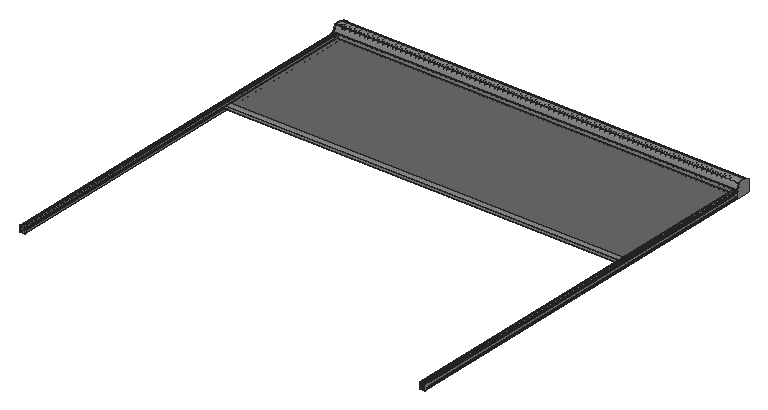
Revit family "Windows_Blinds_Nimex_Zip_105", category Specialty Equipment, host Face, Revit 2018
Family settings
  Host = Face
  Round Connector Dimension = Use Diameter
  Part Type = Normal
  OmniClass Number = 23.40.10.14
  OmniClass Title = Exterior Specialties
  Cut with Voids When Loaded = No
  Shared = No
  Room Calculation Point = No
Parameters (values of type "Zip 105")
  TotalWidthControl [instance] = if(TotalWidth < 700 mm, 700 mm, if(TotalWidth > 4500 mm, 4500 mm, TotalWidth))  # 3000 mm
  WarrantyStartDate [instance] = "n/a"
  WarrantyGuarantorParts = "n/a"
  WarrantyGuarantorLabor = "n/a"
  WarrantyDurationUnit = "Years"
  WarrantyDurationParts = "n/a"
  WarrantyDurationLabor = "n/a"
  WarrantyDescription = "n/a"
  VersionDate = "14/12/2021"  # constant formula
  Version = "2"  # constant formula
  Uniclass2015Reference = "Ss_25_12_60_65"
  Uniclass2015Description = "Privacy screen systems"
  Uniclass2 = "Ss_25_12_60_65"
  URL = "https://elissi.se/zip-screen-105/"
  Type Comments = ""
  TotalWidth [instance] = 3000 mm
  TotalHeight [instance] = 3000 mm
  TagNumber [instance] = "n/a"
  SustainabilityPerformance = "n/a"
  Size = "4500x105x4000 mm"
  Shape = "Sculptured"
  SerialNumber [instance] = "n/a"
  ScreenHeightPosition [instance] = 1000 mm
  ScreenHeightControl [instance] = if(ScreenHeightPosition < 0 mm, 0 mm, if(ScreenHeightPosition > TotalHeightControl - 145 mm, TotalHeightControl - 145 mm, ScreenHeightPosition))  # 1000 mm
  Revision = "1"  # constant formula
  ReplacementCost = "n/a"
  ProductInformation = "n/a"
  ProductDatasheet = "https://elissi.se/wp/wp-content/uploads/2014/09/Zip-screen105_1.2.pdf"
  Product data url = ""
  NominalWidth [instance] = TotalWidthControl  # 3000 mm
  NominalHeight [instance] = TotalHeightControl  # 3000 mm
  NominalDepth = 105 mm
  Name = "Nimex_Zip_105"
  NBSReference = "25-05-60/165"
  NBSDescription = "Privacy screen system"
  ModelReference = "n/a"
  ModelNumber = "n/a"
  Model = "Zip 105"
  Material = "Aluminum & plastic"
  ManufacturerURL = "https://www.nimex.se/"
  ManufacturerName = "Nimex"
  Manufacturer = ManufacturerName  # "Nimex"
  InstallationDate [instance] = "n/a"
  IfcExportType = "BLIND"  # constant formula
  IfcExportAs = "IfcShadingDeviceType"  # constant formula
  HeightLimit [instance] = if(11.00 m² / TotalWidthControl > 4500 mm, 4500 mm, 11.00 m² / TotalWidthControl)  # 3666.667 mm
  TotalHeightControl [instance] = if(TotalHeight < 500 mm, 500 mm, if(TotalHeight > HeightLimit, HeightLimit, TotalHeight))  # 3000 mm
  Grade = "n/a"
  Finish = "Profile color Lacquered aluminum profile. White, gray or black. Optional RAL color at extra cost. Material Plastic details in black or white."
  Features = "Sun protection type Fiberglass-based screen weave."
  ExpectedLife = "n/a"
  DurationUnit = "Years"
  Description = ""
  Default Elevation = 0 mm
  Constituents = "n/a"
  Color = "Various"
  CodePerformance = "n/a"
  Category = "Screens"
  Brand = "Elissi"
  BlindSecondaryMaterial [instance] = Grey steel
  BlindMainMaterial [instance] = 321703 Grey-black
  Barcode [instance] = "n/a"
  BIMObjectName = "Windows_Blinds_Nimex_Zip_105"
  Author = "BIMStone"  # constant formula
  AssetType = "Fixed"
  AssetIdentifier [instance] = "n/a"
  Assembly Code = ""
  AccessibilityPerformance = "n/a"
Reference planes
  plane 1 "Center (Front/Back)": y = 0
  plane 2: z = 0
  plane 3 "Center (Left/Right)": x = 0
  plane 4: x = -1500
  plane 5: x = 1500
  plane 6: y = 3000
  plane 7: z = 105
Dimensions and locks
  equal spacing: plane 4, plane 3 "Center (Left/Right)", plane 5
  "NominalWidth": plane 4 to plane 5
  "NominalHeight": plane 6 to plane 1 "Center (Front/Back)"
  "NominalDepth": plane 2 to plane 7
  aligned and locked: host face to plane 2
  aligned and locked: level to host face
  aligned and locked: nested 1 to plane 2
  aligned and locked: nested 1 to plane 1 "Center (Front/Back)"
  aligned and locked: plane 3 "Center (Left/Right)" to nested 1
Automatic sketch dimensions
  host sketch curve to host sketch curve = 5000 mm
  host sketch curve to host sketch curve = 5719.2 mm
Nested families
  nested 1: "Zip_105" at (0, 0, 29.5) x (1, 0, 0) z (0, 1, 0), ScreenHeigthPosition <- "ScreenHeightControl", FrameMaterial <- "BlindSecondaryMaterial", ScreenMaterial <- "BlindMainMaterial", TotalHeightControl <- "TotalHeightControl", TotalWidthControl <- "TotalWidthControl", type ""
    with TotalWidthControl 3000 mm, TotalHeightControl 3000 mm, ScreenMaterial 321703 Grey-black, ScreenHeigthPosition 1000 mm, ScreenHeigthControl 1000 mm, FrameMaterial Grey steel
Definition of nested family "Zip_105"
  Parameters (values of type "Zip_105")
    TotalWidthControl [instance] = 3500 mm
    TotalHeightControl [instance] = 2500 mm
    ScreenMaterial [instance] = none
    ScreenHeigthPosition [instance] = 500 mm
    ScreenHeigthControl [instance] = if(ScreenHeigthPosition < 0 mm, 0 mm, if(ScreenHeigthPosition > TotalHeightControl - 145 mm, TotalHeightControl - 145 mm, ScreenHeigthPosition))  # 500 mm
    FrameMaterial [instance] = none
    Default Elevation = 1219.2 mm
  Reference planes
    plane 1 "Center (Front/Back)": y = 5.2
    plane 2: z = 0
    plane 3 "Center (Left/Right)": x = 0
    plane 4: x = -1750
    plane 5: x = 1750
    plane 6: z = 2500
    plane 7: y = -29.5
    plane 8: y = 29.5
    plane 9: y = -75.5
    plane 10: z = 2400
  Forms (mm)
    Extrusion 1, solid, material <- "FrameMaterial", detail levels coarse
      sketch origin (0, 0, 0) x (1, 0, 0) y (0, 1, 0)
        loop
          line (-1750, 29.5) -> (-1750, -75.5) -> (1750, -75.5) -> (1750, 29.5) -> (-1750, 29.5)
      from 0 to 2500 <- "TotalHeightControl"
  Lines and regions (mm)
    symbolic lines, detail levels medium+fine
      curve 1: line (0, 29.5, 2400) -> (0, 29.5, 2500)
      curve 2: line (0, -22.792, 2400) -> (0, -29.5, 2400)
      curve 3: line (0, -29.5, 2400) -> (0, -29.5, 0)
      curve 5: line (0, 29.5, 2400) -> (0, 29.5, 0)
      curve 6: line (0, 29.5, 0) -> (0, -29.5, 0)
      curve 7: line (-1750, 5.2, 2500) -> (1750, 5.2, 2500)
      curve 9: line (-1750, 5.2, 2500) -> (-1750, 5.2, 0)
      curve 10: line (1750, 5.2, 0) -> (1750, 5.2, 2500)
      curve 14: line (-1750, 29.5, 0) -> (1750, 29.5, 0)
      curve 15: line (-1750, -75.5, 0) -> (-1750, 29.5, 0)
      curve 16: line (1750, -75.5, 0) -> (-1750, -75.5, 0)
      curve 17: line (1750, 29.5, 0) -> (1750, -75.5, 0)
      curve 20: line (-1750, 5.2, 0) -> (-1716, 5.2, 0)
      curve 23: line (1716, 5.2, 0) -> (1750, 5.2, 0)
      curve 713: arc (0, -22.792, 2400) -> (0, -25.488, 2400.183) -> (0, -28.135, 2400.727) r 20
      curve 714: arc (0, -28.135, 2400.727) -> (0, -48.852, 2408.067) -> (0, -68.34, 2418.229) r 156.94
      curve 715: arc (0, -68.34, 2418.229) -> (0, -69.574, 2419.301) -> (0, -70.397, 2420.713) r 5
      curve 716: arc (0, -70.397, 2420.713) -> (0, -75.491, 2447.285) -> (0, -71.222, 2474.002) r 78.179
      curve 717: line (0, 29.5, 2500) -> (0, -60.085, 2500)
      curve 723: arc (0, -62.902, 2498.03) -> (0, -67.138, 2486.042) -> (0, -71.222, 2474.002) r 1012.634
      curve 724: arc (0, -60.085, 2500) -> (0, -61.804, 2499.459) -> (0, -62.902, 2498.03) r 3
    symbolic lines, detail levels fine
      curve 4: line (0, -22.792, 2400) -> (0, 29.5, 2400)
      curve 8: line (-1750, 5.2, 2400) -> (1750, 5.2, 2400)
      curve 11: line (-1716, 5.2, 1900) -> (1716, 5.2, 1900)
      curve 12: line (1716, 5.2, 0) -> (1716, 5.2, 2400)
      curve 13: line (-1716, 5.2, 0) -> (-1716, 5.2, 2400)
      curve 18: line (-1750, -55.901, 0) -> (1750, -55.901, 0)
      curve 19: line (-1750, -60.053, 0) -> (1750, -60.053, 0)
      curve 21: line (-1716, 5.2, 1855) -> (1716, 5.2, 1855)
      curve 24: line (-1748.3, 28.3, 0) -> (-1717.7, 28.3, 0)
      curve 25: line (-1739.56, 22.1, 0) -> (-1720.6, 22.1, 0)
      curve 26: line (-1744.298, 23.739, 0) -> (-1748.3, 23.739, 0)
      curve 27: line (-1748.8, 24.239, 0) -> (-1748.8, 27.8, 0)
      curve 28: line (-1743.034, 22.927, 0) -> (-1743.563, 23.842, 0)
      curve 29: line (-1741.966, 22.927, 0) -> (-1741.41, 23.889, 0)
      curve 30: arc (-1740.05, 22.5, 0) -> (-1740.376, 23.32, 0) -> (-1740.966, 23.976, 0) r 2.5
      curve 31: line (-1739.35, 20.9, 0) -> (-1721.8, 20.9, 0)
      curve 32: line (-1720.1, 21.6, 0) -> (-1720.1, 14.2, 0)
      curve 33: line (-1717.2, 27.8, 0) -> (-1717.2, 14.2, 0)
      curve 34: line (-1749, 29.5, 0) -> (-1717, 29.5, 0)
      curve 35: line (-1717.7, 13.7, 0) -> (-1719.6, 13.7, 0)
      curve 36: line (-1721.3, 20.4, 0) -> (-1721.3, 14.2, 0)
      curve 37: line (-1721.8, 13.7, 0) -> (-1725.4, 13.7, 0)
      curve 38: arc (-1725.4, 13.7, 0) -> (-1726, 13.1, 0) -> (-1725.4, 12.5, 0) r 0.6
      curve 39: line (-1717, 12.5, 0) -> (-1725.4, 12.5, 0)
      curve 40: arc (-1717, 12.5, 0) -> (-1716.293, 12.793, 0) -> (-1716, 13.5, 0) r 1
      curve 41: line (-1716, 28.5, 0) -> (-1716, 13.5, 0)
      curve 42: line (-1750, -18.5, 0) -> (-1750, 28.5, 0)
      curve 43: arc (-1750, -18.5, 0) -> (-1749.707, -19.207, 0) -> (-1749, -19.5, 0) r 1
      curve 44: arc (-1743.866, 22.927, 0) -> (-1742.5, 20.351, 0) -> (-1741.134, 22.927, 0) r 1.65
      curve 45: line (-1743.866, 22.927, 0) -> (-1743.034, 22.927, 0)
      curve 46: line (-1741.966, 22.927, 0) -> (-1741.134, 22.927, 0)
      curve 47: arc (-1743.563, 23.842, 0) -> (-1743.965, 24.038, 0) -> (-1744.298, 23.739, 0) r 0.4
      curve 48: arc (-1741.41, 23.889, 0) -> (-1741.208, 24.033, 0) -> (-1740.966, 23.976, 0) r 0.3
      curve 49: arc (-1740.05, 22.5, 0) -> (-1739.877, 22.213, 0) -> (-1739.56, 22.1, 0) r 0.5
      curve 50: arc (-1748.8, 24.239, 0) -> (-1748.654, 23.885, 0) -> (-1748.3, 23.739, 0) r 0.5
      curve 51: arc (-1748.8, 27.8, 0) -> (-1748.654, 28.154, 0) -> (-1748.3, 28.3, 0) r 0.5
      curve 52: arc (-1721.8, 20.9, 0) -> (-1721.446, 20.754, 0) -> (-1721.3, 20.4, 0) r 0.5
      curve 53: arc (-1720.6, 22.1, 0) -> (-1720.246, 21.954, 0) -> (-1720.1, 21.6, 0) r 0.5
      curve 54: arc (-1717.7, 28.3, 0) -> (-1717.346, 28.154, 0) -> (-1717.2, 27.8, 0) r 0.5
      curve 55: arc (-1720.1, 14.2, 0) -> (-1719.954, 13.846, 0) -> (-1719.6, 13.7, 0) r 0.5
      curve 56: arc (-1717.7, 13.7, 0) -> (-1717.346, 13.846, 0) -> (-1717.2, 14.2, 0) r 0.5
      curve 57: arc (-1721.3, 14.2, 0) -> (-1721.446, 13.846, 0) -> (-1721.8, 13.7, 0) r 0.5
      curve 58: arc (-1750, 28.5, 0) -> (-1749.707, 29.207, 0) -> (-1749, 29.5, 0) r 1
      curve 59: arc (-1717, 29.5, 0) -> (-1716.293, 29.207, 0) -> (-1716, 28.5, 0) r 1
      curve 60: line (-1749, -19.5, 0) -> (-1745.9, -19.5, 0)
      curve 61: line (-1748.8, -10.5, 0) -> (-1748.8, 22.039, 0)
      curve 62: line (-1745.5, 22.539, 0) -> (-1748.3, 22.539, 0)
      curve 63: arc (-1745, 22.032, 0) -> (-1744.279, 20.245, 0) -> (-1742.5, 19.501, 0) r 2.5
      curve 64: line (-1741.05, -6.95, 0) -> (-1741.05, 19.001, 0)
      curve 65: line (-1742.5, 19.501, 0) -> (-1741.55, 19.501, 0)
      curve 66: line (-1744, -7.45, 0) -> (-1741.55, -7.45, 0)
      curve 67: line (-1744.5, -10.5, 0) -> (-1744.5, -7.95, 0)
      curve 68: line (-1748.3, -11, 0) -> (-1745, -11, 0)
      curve 69: arc (-1748.8, -10.5, 0) -> (-1748.654, -10.854, 0) -> (-1748.3, -11, 0) r 0.5
      curve 70: arc (-1745, -11, 0) -> (-1744.646, -10.854, 0) -> (-1744.5, -10.5, 0) r 0.5
      curve 71: arc (-1744, -7.45, 0) -> (-1744.354, -7.596, 0) -> (-1744.5, -7.95, 0) r 0.5
      curve 72: arc (-1741.55, -7.45, 0) -> (-1741.196, -7.304, 0) -> (-1741.05, -6.95, 0) r 0.5
      curve 73: arc (-1741.55, 19.501, 0) -> (-1741.196, 19.355, 0) -> (-1741.05, 19.001, 0) r 0.5
      curve 74: arc (-1745.5, 22.539, 0) -> (-1745.144, 22.39, 0) -> (-1745, 22.032, 0) r 0.5
      curve 75: arc (-1748.3, 22.539, 0) -> (-1748.654, 22.392, 0) -> (-1748.8, 22.039, 0) r 0.5
      curve 76: line (-1739.85, -7.65, 0) -> (-1739.85, 20.4, 0)
      curve 77: arc (-1739.35, 20.9, 0) -> (-1739.704, 20.754, 0) -> (-1739.85, 20.4, 0) r 0.5
      curve 78: line (-1742.216, -8.65, 0) -> (-1740.85, -8.65, 0)
      curve 79: line (-1742.216, -11, 0) -> (-1737.1, -11, 0)
      curve 80: arc (-1740.85, -8.65, 0) -> (-1740.143, -8.357, 0) -> (-1739.85, -7.65, 0) r 1
      curve 81: arc (-1742.216, -11, 0) -> (-1743.391, -9.825, 0) -> (-1742.216, -8.65, 0) r 1.175
      curve 82: arc (-1745.187, -19.57, 0) -> (-1730.976, -21.102, 0) -> (-1716.776, -19.468, 0) r 64.554
      curve 83: line (-1745.5, -18.3, 0) -> (-1745.5, -19.18, 0)
      curve 84: line (-1716, -18.493, 0) -> (-1716, -3.5, 0)
      curve 85: line (-1717, -2.5, 0) -> (-1725.3, -2.5, 0)
      curve 86: line (-1721.7, -3.7, 0) -> (-1725.3, -3.7, 0)
      curve 87: line (-1721.2, -8.725, 0) -> (-1721.2, -4.2, 0)
      curve 88: line (-1720, -18.441, 0) -> (-1720, -4.2, 0)
      curve 89: line (-1717.6, -3.7, 0) -> (-1719.5, -3.7, 0)
      curve 90: line (-1717.1, -17.823, 0) -> (-1717.1, -4.2, 0)
      curve 91: arc (-1719.527, -18.834, 0) -> (-1718.563, -18.647, 0) -> (-1717.602, -18.446, 0) r 63.354
      curve 92: arc (-1738.319, -19.49, 0) -> (-1730.006, -19.892, 0) -> (-1721.711, -19.201, 0) r 63.354
      curve 93: arc (-1738.371, -18.912, 0) -> (-1737.36, -18.543, 0) -> (-1736.4, -18.059, 0) r 9.2
      curve 94: line (-1736.4, -18.059, 0) -> (-1735.7, -18.059, 0)
      curve 95: line (-1735.2, -10.925, 0) -> (-1735.2, -17.559, 0)
      curve 96: line (-1734.7, -10.425, 0) -> (-1721.7, -10.425, 0)
      curve 97: line (-1721.2, -18.608, 0) -> (-1721.2, -10.925, 0)
      curve 98: arc (-1725.3, -2.5, 0) -> (-1725.9, -3.1, 0) -> (-1725.3, -3.7, 0) r 0.6
      curve 99: arc (-1721.7, -3.7, 0) -> (-1721.346, -3.846, 0) -> (-1721.2, -4.2, 0) r 0.5
      curve 100: arc (-1720, -4.2, 0) -> (-1719.854, -3.846, 0) -> (-1719.5, -3.7, 0) r 0.5
      curve 101: arc (-1717.6, -3.7, 0) -> (-1717.246, -3.846, 0) -> (-1717.1, -4.2, 0) r 0.5
      curve 102: arc (-1717.602, -18.446, 0) -> (-1717.241, -18.223, 0) -> (-1717.1, -17.823, 0) r 0.637
      curve 103: arc (-1719.527, -18.834, 0) -> (-1719.856, -18.749, 0) -> (-1720, -18.441, 0) r 0.4
      curve 104: arc (-1721.711, -19.201, 0) -> (-1721.345, -18.999, 0) -> (-1721.2, -18.608, 0) r 0.6
      curve 105: arc (-1738.319, -19.49, 0) -> (-1738.581, -19.222, 0) -> (-1738.371, -18.912, 0) r 0.296
      curve 106: line (-1748.1, -17.1, 0) -> (-1744.887, -17.1, 0)
      curve 107: arc (-1748.1, -18.3, 0) -> (-1748.7, -17.7, 0) -> (-1748.1, -17.1, 0) r 0.6
      curve 108: line (-1748.4, -18.3, 0) -> (-1745.5, -18.3, 0)
      curve 109: arc (-1744.887, -17.1, 0) -> (-1741.014, -18.1, 0) -> (-1737.141, -17.1, 0) r 8
      curve 110: line (-1736.8, -17.1, 0) -> (-1737.141, -17.1, 0)
      curve 111: line (-1736.4, -16.7, 0) -> (-1736.4, -10.925, 0)
      curve 112: line (-1742.7, -10.425, 0) -> (-1736.9, -10.425, 0)
      curve 113: line (-1742.7, -9.225, 0) -> (-1721.7, -9.225, 0)
      curve 114: arc (-1736.9, -10.425, 0) -> (-1736.546, -10.571, 0) -> (-1736.4, -10.925, 0) r 0.5
      curve 115: arc (-1736.4, -16.7, 0) -> (-1736.517, -16.983, 0) -> (-1736.8, -17.1, 0) r 0.4
      curve 116: line (-1745.5, -19.1, 0) -> (-1745.5, -18.7, 0)
      curve 117: arc (-1745.9, -19.5, 0) -> (-1745.617, -19.383, 0) -> (-1745.5, -19.1, 0) r 0.4
      curve 118: arc (-1745.9, -18.3, 0) -> (-1745.617, -18.417, 0) -> (-1745.5, -18.7, 0) r 0.4
      curve 119: arc (-1745.5, -19.18, 0) -> (-1745.412, -19.43, 0) -> (-1745.187, -19.57, 0) r 0.4
      curve 120: arc (-1735.2, -17.559, 0) -> (-1735.346, -17.913, 0) -> (-1735.7, -18.059, 0) r 0.5
      curve 121: arc (-1721.7, -10.425, 0) -> (-1721.346, -10.571, 0) -> (-1721.2, -10.925, 0) r 0.5
      curve 122: arc (-1734.7, -10.425, 0) -> (-1735.054, -10.571, 0) -> (-1735.2, -10.925, 0) r 0.5
      curve 123: arc (-1742.7, -10.425, 0) -> (-1743.3, -9.825, 0) -> (-1742.7, -9.225, 0) r 0.6
      curve 124: arc (-1721.7, -9.225, 0) -> (-1721.346, -9.078, 0) -> (-1721.2, -8.725, 0) r 0.5
      curve 125: line (-1737.1, -12.2, 0) -> (-1748.4, -12.2, 0)
      curve 126: line (-1737.1, -15.55, 0) -> (-1748.4, -15.55, 0)
      curve 127: line (-1748.4, -15.55, 0) -> (-1748.4, -12.2, 0)
      curve 128: arc (-1737.1, -11, 0) -> (-1736.5, -11.6, 0) -> (-1737.1, -12.2, 0) r 0.6
      curve 129: arc (-1737.1, -16.75, 0) -> (-1736.5, -16.15, 0) -> (-1737.1, -15.55, 0) r 0.6
      curve 130: line (-1748.4, -16.75, 0) -> (-1737.1, -16.75, 0)
      curve 131: line (-1748.8, -17.15, 0) -> (-1748.8, -17.9, 0)
      curve 132: arc (-1748.4, -16.75, 0) -> (-1748.683, -16.867, 0) -> (-1748.8, -17.15, 0) r 0.4
      curve 133: arc (-1748.8, -17.9, 0) -> (-1748.683, -18.183, 0) -> (-1748.4, -18.3, 0) r 0.4
      curve 134: arc (-1716.776, -19.468, 0) -> (-1716.218, -19.117, 0) -> (-1716, -18.493, 0) r 1
      curve 135: arc (-1716, -3.5, 0) -> (-1716.293, -2.793, 0) -> (-1717, -2.5, 0) r 1
      curve 136: line (-1727.736, 10.5, 0) -> (-1727.736, -0.5, 0)
      curve 137: line (-1713.236, 11.5, 0) -> (-1713.236, 19.4, 0)
      curve 138: line (-1693.736, 20.4, 0) -> (-1712.236, 20.4, 0)
      curve 139: line (-1713.236, 11.5, 0) -> (-1726.736, 11.5, 0)
      curve 140: line (-1713.236, -1.5, 0) -> (-1726.736, -1.5, 0)
      curve 141: line (-1693.736, -10.4, 0) -> (-1712.236, -10.4, 0)
      curve 142: line (-1713.236, -9.4, 0) -> (-1713.236, -1.5, 0)
      curve 143: arc (-1712.236, 20.4, 0) -> (-1712.943, 20.107, 0) -> (-1713.236, 19.4, 0) r 1
      curve 144: arc (-1713.236, -9.4, 0) -> (-1712.943, -10.107, 0) -> (-1712.236, -10.4, 0) r 1
      curve 145: arc (-1726.736, -1.5, 0) -> (-1727.443, -1.207, 0) -> (-1727.736, -0.5, 0) r 1
      curve 146: arc (-1727.736, 10.5, 0) -> (-1727.443, 11.207, 0) -> (-1726.736, 11.5, 0) r 1
      curve 147: line (-1738.486, -8.9, 0) -> (-1738.486, 19.5, 0)
      curve 148: line (-1738.486, 19.5, 0) -> (-1736.086, 19.5, 0)
      curve 149: line (-1736.086, 19.5, 0) -> (-1736.086, 11.4, 0)
      curve 150: line (-1736.086, 11.4, 0) -> (-1729.236, 11.4, 0)
      curve 151: arc (-1728.236, 10.4, 0) -> (-1728.529, 11.107, 0) -> (-1729.236, 11.4, 0) r 1
      curve 152: line (-1728.236, 10.4, 0) -> (-1728.236, -0.4, 0)
      curve 153: arc (-1729.236, -1.4, 0) -> (-1728.529, -1.107, 0) -> (-1728.236, -0.4, 0) r 1
      curve 154: line (-1729.236, -1.4, 0) -> (-1736.086, -1.4, 0)
      curve 155: line (-1736.086, -1.4, 0) -> (-1736.086, -8.9, 0)
      curve 156: line (-1736.086, -8.9, 0) -> (-1738.486, -8.9, 0)
      curve 157: line (-1730.366, 8.5, 0) -> (-1736.086, 8.5, 0)
      curve 158: line (-1736.086, 8.5, 0) -> (-1736.086, 1.5, 0)
      curve 159: line (-1736.086, 1.5, 0) -> (-1730.366, 1.5, 0)
      curve 160: line (-1730.366, 1.5, 0) -> (-1730.366, 8.5, 0)
      curve 161: line (-1748.3, 18.5, 0) -> (-1717.7, 18.5, 0)
      curve 162: line (-1739.56, 12.3, 0) -> (-1720.6, 12.3, 0)
      curve 163: line (-1744.298, 13.938, 0) -> (-1748.3, 13.938, 0)
      curve 164: line (-1748.8, 14.438, 0) -> (-1748.8, 18, 0)
      curve 165: line (-1743.034, 13.127, 0) -> (-1743.563, 14.042, 0)
      curve 166: line (-1741.966, 13.127, 0) -> (-1741.41, 14.088, 0)
      curve 167: arc (-1740.05, 12.7, 0) -> (-1740.376, 13.52, 0) -> (-1740.966, 14.175, 0) r 2.5
      curve 168: line (-1739.35, 11.1, 0) -> (-1721.8, 11.1, 0)
      curve 169: line (-1720.1, 11.8, 0) -> (-1720.1, 4.4, 0)
      curve 170: line (-1717.2, 18, 0) -> (-1717.2, 4.4, 0)
      curve 171: line (-1749, 19.7, 0) -> (-1717, 19.7, 0)
      curve 172: line (-1717.7, 3.9, 0) -> (-1719.6, 3.9, 0)
      curve 173: line (-1721.3, 10.6, 0) -> (-1721.3, 4.4, 0)
      curve 174: line (-1721.8, 3.9, 0) -> (-1725.4, 3.9, 0)
      curve 175: arc (-1725.4, 3.9, 0) -> (-1726, 3.3, 0) -> (-1725.4, 2.7, 0) r 0.6
      curve 176: line (-1717, 2.7, 0) -> (-1725.4, 2.7, 0)
      curve 177: arc (-1717, 2.7, 0) -> (-1716.293, 2.993, 0) -> (-1716, 3.7, 0) r 1
      curve 178: line (-1716, 18.7, 0) -> (-1716, 3.7, 0)
      curve 179: line (-1750, -28.3, 0) -> (-1750, 18.7, 0)
      curve 180: arc (-1750, -28.3, 0) -> (-1749.707, -29.007, 0) -> (-1749, -29.3, 0) r 1
      curve 181: arc (-1743.866, 13.127, 0) -> (-1742.5, 10.551, 0) -> (-1741.134, 13.127, 0) r 1.65
      curve 182: line (-1743.866, 13.127, 0) -> (-1743.034, 13.127, 0)
      curve 183: line (-1741.966, 13.127, 0) -> (-1741.134, 13.127, 0)
      curve 184: arc (-1743.563, 14.042, 0) -> (-1743.965, 14.238, 0) -> (-1744.298, 13.938, 0) r 0.4
      curve 185: arc (-1741.41, 14.088, 0) -> (-1741.208, 14.233, 0) -> (-1740.966, 14.175, 0) r 0.3
      curve 186: arc (-1740.05, 12.7, 0) -> (-1739.877, 12.412, 0) -> (-1739.56, 12.3, 0) r 0.5
      curve 187: arc (-1748.8, 14.438, 0) -> (-1748.654, 14.085, 0) -> (-1748.3, 13.938, 0) r 0.5
      curve 188: arc (-1748.8, 18, 0) -> (-1748.654, 18.353, 0) -> (-1748.3, 18.5, 0) r 0.5
      curve 189: arc (-1721.8, 11.1, 0) -> (-1721.446, 10.953, 0) -> (-1721.3, 10.6, 0) r 0.5
      curve 190: arc (-1720.6, 12.3, 0) -> (-1720.246, 12.153, 0) -> (-1720.1, 11.8, 0) r 0.5
      curve 191: arc (-1717.7, 18.5, 0) -> (-1717.346, 18.353, 0) -> (-1717.2, 18, 0) r 0.5
      curve 192: arc (-1720.1, 4.4, 0) -> (-1719.954, 4.046, 0) -> (-1719.6, 3.9, 0) r 0.5
      curve 193: arc (-1717.7, 3.9, 0) -> (-1717.346, 4.046, 0) -> (-1717.2, 4.4, 0) r 0.5
      curve 194: arc (-1721.3, 4.4, 0) -> (-1721.446, 4.046, 0) -> (-1721.8, 3.9, 0) r 0.5
      curve 195: arc (-1750, 18.7, 0) -> (-1749.707, 19.407, 0) -> (-1749, 19.7, 0) r 1
      curve 196: arc (-1717, 19.7, 0) -> (-1716.293, 19.407, 0) -> (-1716, 18.7, 0) r 1
      curve 197: line (-1749, -29.3, 0) -> (-1745.9, -29.3, 0)
      curve 198: line (-1748.8, -20.3, 0) -> (-1748.8, 12.238, 0)
      curve 199: line (-1745.5, 12.738, 0) -> (-1748.3, 12.738, 0)
      curve 200: arc (-1745, 12.232, 0) -> (-1744.279, 10.444, 0) -> (-1742.5, 9.701, 0) r 2.5
      curve 201: line (-1741.05, -16.75, 0) -> (-1741.05, 9.201, 0)
      curve 202: line (-1742.5, 9.701, 0) -> (-1741.55, 9.701, 0)
      curve 203: line (-1744, -17.25, 0) -> (-1741.55, -17.25, 0)
      curve 204: line (-1744.5, -20.3, 0) -> (-1744.5, -17.75, 0)
      curve 205: line (-1748.3, -20.8, 0) -> (-1745, -20.8, 0)
      curve 206: arc (-1748.8, -20.3, 0) -> (-1748.654, -20.654, 0) -> (-1748.3, -20.8, 0) r 0.5
      curve 207: arc (-1745, -20.8, 0) -> (-1744.646, -20.654, 0) -> (-1744.5, -20.3, 0) r 0.5
      curve 208: arc (-1744, -17.25, 0) -> (-1744.354, -17.397, 0) -> (-1744.5, -17.75, 0) r 0.5
      curve 209: arc (-1741.55, -17.25, 0) -> (-1741.196, -17.104, 0) -> (-1741.05, -16.75, 0) r 0.5
      curve 210: arc (-1741.55, 9.701, 0) -> (-1741.196, 9.555, 0) -> (-1741.05, 9.201, 0) r 0.5
      curve 211: arc (-1745.5, 12.738, 0) -> (-1745.144, 12.59, 0) -> (-1745, 12.232, 0) r 0.5
      curve 212: arc (-1748.3, 12.738, 0) -> (-1748.654, 12.592, 0) -> (-1748.8, 12.238, 0) r 0.5
      curve 213: line (-1739.85, -17.45, 0) -> (-1739.85, 10.6, 0)
      curve 214: arc (-1739.35, 11.1, 0) -> (-1739.704, 10.953, 0) -> (-1739.85, 10.6, 0) r 0.5
      curve 215: line (-1742.216, -18.45, 0) -> (-1740.85, -18.45, 0)
      curve 216: line (-1742.216, -20.8, 0) -> (-1737.1, -20.8, 0)
      curve 217: arc (-1740.85, -18.45, 0) -> (-1740.143, -18.157, 0) -> (-1739.85, -17.45, 0) r 1
      curve 218: arc (-1742.216, -20.8, 0) -> (-1743.391, -19.625, 0) -> (-1742.216, -18.45, 0) r 1.175
      curve 219: arc (-1745.187, -29.371, 0) -> (-1730.976, -30.902, 0) -> (-1716.776, -29.268, 0) r 64.554
      curve 220: line (-1745.5, -28.1, 0) -> (-1745.5, -28.98, 0)
      curve 221: line (-1716, -28.294, 0) -> (-1716, -13.3, 0)
      curve 222: line (-1717, -12.3, 0) -> (-1725.3, -12.3, 0)
      curve 223: line (-1721.7, -13.5, 0) -> (-1725.3, -13.5, 0)
      curve 224: line (-1721.2, -18.525, 0) -> (-1721.2, -14, 0)
      curve 225: line (-1720, -28.241, 0) -> (-1720, -14, 0)
      curve 226: line (-1717.6, -13.5, 0) -> (-1719.5, -13.5, 0)
      curve 227: line (-1717.1, -27.623, 0) -> (-1717.1, -14, 0)
      curve 228: arc (-1719.527, -28.635, 0) -> (-1718.563, -28.448, 0) -> (-1717.602, -28.246, 0) r 63.354
      curve 229: arc (-1738.319, -29.291, 0) -> (-1730.006, -29.693, 0) -> (-1721.711, -29.001, 0) r 63.354
      curve 230: arc (-1738.371, -28.712, 0) -> (-1737.36, -28.344, 0) -> (-1736.4, -27.86, 0) r 9.2
      curve 231: line (-1736.4, -27.86, 0) -> (-1735.7, -27.86, 0)
      curve 232: line (-1735.2, -20.725, 0) -> (-1735.2, -27.36, 0)
      curve 233: line (-1734.7, -20.225, 0) -> (-1721.7, -20.225, 0)
      curve 234: line (-1721.2, -28.408, 0) -> (-1721.2, -20.725, 0)
      curve 235: arc (-1725.3, -12.3, 0) -> (-1725.9, -12.9, 0) -> (-1725.3, -13.5, 0) r 0.6
      curve 236: arc (-1721.7, -13.5, 0) -> (-1721.346, -13.647, 0) -> (-1721.2, -14, 0) r 0.5
      curve 237: arc (-1720, -14, 0) -> (-1719.854, -13.647, 0) -> (-1719.5, -13.5, 0) r 0.5
      curve 238: arc (-1717.6, -13.5, 0) -> (-1717.246, -13.647, 0) -> (-1717.1, -14, 0) r 0.5
      curve 239: arc (-1717.602, -28.246, 0) -> (-1717.241, -28.023, 0) -> (-1717.1, -27.623, 0) r 0.637
      curve 240: arc (-1719.527, -28.635, 0) -> (-1719.856, -28.549, 0) -> (-1720, -28.241, 0) r 0.4
      curve 241: arc (-1721.711, -29.001, 0) -> (-1721.345, -28.8, 0) -> (-1721.2, -28.408, 0) r 0.6
      curve 242: arc (-1738.319, -29.291, 0) -> (-1738.581, -29.022, 0) -> (-1738.371, -28.712, 0) r 0.296
      curve 243: line (-1748.1, -26.9, 0) -> (-1744.887, -26.9, 0)
      curve 244: arc (-1748.1, -28.1, 0) -> (-1748.7, -27.5, 0) -> (-1748.1, -26.9, 0) r 0.6
      curve 245: line (-1748.4, -28.1, 0) -> (-1745.5, -28.1, 0)
      curve 246: arc (-1744.887, -26.9, 0) -> (-1741.014, -27.9, 0) -> (-1737.141, -26.9, 0) r 8
      curve 247: line (-1736.8, -26.9, 0) -> (-1737.141, -26.9, 0)
      curve 248: line (-1736.4, -26.5, 0) -> (-1736.4, -20.725, 0)
      curve 249: line (-1742.7, -20.225, 0) -> (-1736.9, -20.225, 0)
      curve 250: line (-1742.7, -19.025, 0) -> (-1721.7, -19.025, 0)
      curve 251: arc (-1736.9, -20.225, 0) -> (-1736.546, -20.372, 0) -> (-1736.4, -20.725, 0) r 0.5
      curve 252: arc (-1736.4, -26.5, 0) -> (-1736.517, -26.783, 0) -> (-1736.8, -26.9, 0) r 0.4
      curve 253: line (-1745.5, -28.9, 0) -> (-1745.5, -28.5, 0)
      curve 254: arc (-1745.9, -29.3, 0) -> (-1745.617, -29.183, 0) -> (-1745.5, -28.9, 0) r 0.4
      curve 255: arc (-1745.9, -28.1, 0) -> (-1745.617, -28.217, 0) -> (-1745.5, -28.5, 0) r 0.4
      curve 256: arc (-1745.5, -28.98, 0) -> (-1745.412, -29.23, 0) -> (-1745.187, -29.371, 0) r 0.4
      curve 257: arc (-1735.2, -27.36, 0) -> (-1735.346, -27.713, 0) -> (-1735.7, -27.86, 0) r 0.5
      curve 258: arc (-1721.7, -20.225, 0) -> (-1721.346, -20.372, 0) -> (-1721.2, -20.725, 0) r 0.5
      curve 259: arc (-1734.7, -20.225, 0) -> (-1735.054, -20.372, 0) -> (-1735.2, -20.725, 0) r 0.5
      curve 260: arc (-1742.7, -20.225, 0) -> (-1743.3, -19.625, 0) -> (-1742.7, -19.025, 0) r 0.6
      curve 261: arc (-1721.7, -19.025, 0) -> (-1721.346, -18.879, 0) -> (-1721.2, -18.525, 0) r 0.5
      curve 262: line (-1737.1, -22, 0) -> (-1748.4, -22, 0)
      curve 263: line (-1737.1, -25.35, 0) -> (-1748.4, -25.35, 0)
      curve 264: line (-1748.4, -25.35, 0) -> (-1748.4, -22, 0)
      curve 265: arc (-1737.1, -20.8, 0) -> (-1736.5, -21.4, 0) -> (-1737.1, -22, 0) r 0.6
      curve 266: arc (-1737.1, -26.55, 0) -> (-1736.5, -25.95, 0) -> (-1737.1, -25.35, 0) r 0.6
      curve 267: line (-1748.4, -26.55, 0) -> (-1737.1, -26.55, 0)
      curve 268: line (-1748.8, -26.95, 0) -> (-1748.8, -27.7, 0)
      curve 269: arc (-1748.4, -26.55, 0) -> (-1748.683, -26.667, 0) -> (-1748.8, -26.95, 0) r 0.4
      curve 270: arc (-1748.8, -27.7, 0) -> (-1748.683, -27.983, 0) -> (-1748.4, -28.1, 0) r 0.4
      curve 271: arc (-1716.776, -29.268, 0) -> (-1716.218, -28.917, 0) -> (-1716, -28.294, 0) r 1
      curve 272: arc (-1716, -13.3, 0) -> (-1716.293, -12.593, 0) -> (-1717, -12.3, 0) r 1
      curve 273: line (-1727.736, 0.7, 0) -> (-1727.736, -10.3, 0)
      curve 274: line (-1713.236, 1.7, 0) -> (-1713.236, 9.6, 0)
      curve 275: line (-1693.736, 10.6, 0) -> (-1712.236, 10.6, 0)
      curve 276: line (-1713.236, 1.7, 0) -> (-1726.736, 1.7, 0)
      curve 277: line (-1713.236, -11.3, 0) -> (-1726.736, -11.3, 0)
      curve 278: line (-1693.736, -20.2, 0) -> (-1712.236, -20.2, 0)
      curve 279: line (-1713.236, -19.2, 0) -> (-1713.236, -11.3, 0)
      curve 280: arc (-1712.236, 10.6, 0) -> (-1712.943, 10.307, 0) -> (-1713.236, 9.6, 0) r 1
      curve 281: arc (-1713.236, -19.2, 0) -> (-1712.943, -19.907, 0) -> (-1712.236, -20.2, 0) r 1
      curve 282: arc (-1726.736, -11.3, 0) -> (-1727.443, -11.007, 0) -> (-1727.736, -10.3, 0) r 1
      curve 283: arc (-1727.736, 0.7, 0) -> (-1727.443, 1.407, 0) -> (-1726.736, 1.7, 0) r 1
      curve 284: line (-1738.486, -18.7, 0) -> (-1738.486, 9.7, 0)
      curve 285: line (-1738.486, 9.7, 0) -> (-1736.086, 9.7, 0)
      curve 286: line (-1736.086, 9.7, 0) -> (-1736.086, 1.6, 0)
      curve 287: line (-1736.086, 1.6, 0) -> (-1729.236, 1.6, 0)
      curve 288: arc (-1728.236, 0.6, 0) -> (-1728.529, 1.307, 0) -> (-1729.236, 1.6, 0) r 1
      curve 289: line (-1728.236, 0.6, 0) -> (-1728.236, -10.2, 0)
      curve 290: arc (-1729.236, -11.2, 0) -> (-1728.529, -10.907, 0) -> (-1728.236, -10.2, 0) r 1
      curve 291: line (-1729.236, -11.2, 0) -> (-1736.086, -11.2, 0)
      curve 292: line (-1736.086, -11.2, 0) -> (-1736.086, -18.7, 0)
      curve 293: line (-1736.086, -18.7, 0) -> (-1738.486, -18.7, 0)
      curve 294: line (-1730.366, -1.3, 0) -> (-1736.086, -1.3, 0)
      curve 295: line (-1736.086, -1.3, 0) -> (-1736.086, -8.3, 0)
      curve 296: line (-1736.086, -8.3, 0) -> (-1730.366, -8.3, 0)
      curve 297: line (-1730.366, -8.3, 0) -> (-1730.366, -1.3, 0)
      curve 298: line (1748.3, 28.3, 0) -> (1717.7, 28.3, 0)
      curve 299: line (1739.56, 22.1, 0) -> (1720.6, 22.1, 0)
      curve 300: line (1744.298, 23.739, 0) -> (1748.3, 23.739, 0)
      curve 301: line (1748.8, 24.239, 0) -> (1748.8, 27.8, 0)
      curve 302: line (1743.034, 22.927, 0) -> (1743.563, 23.842, 0)
      curve 303: line (1741.966, 22.927, 0) -> (1741.41, 23.889, 0)
      curve 304: arc (1740.05, 22.5, 0) -> (1740.376, 23.32, 0) -> (1740.966, 23.976, 0) r 2.5
      curve 305: line (1739.35, 20.9, 0) -> (1721.8, 20.9, 0)
      curve 306: line (1720.1, 21.6, 0) -> (1720.1, 14.2, 0)
      curve 307: line (1717.2, 27.8, 0) -> (1717.2, 14.2, 0)
      curve 308: line (1749, 29.5, 0) -> (1717, 29.5, 0)
      curve 309: line (1717.7, 13.7, 0) -> (1719.6, 13.7, 0)
      curve 310: line (1721.3, 20.4, 0) -> (1721.3, 14.2, 0)
      curve 311: line (1721.8, 13.7, 0) -> (1725.4, 13.7, 0)
      curve 312: arc (1725.4, 13.7, 0) -> (1726, 13.1, 0) -> (1725.4, 12.5, 0) r 0.6
      curve 313: line (1717, 12.5, 0) -> (1725.4, 12.5, 0)
      curve 314: arc (1717, 12.5, 0) -> (1716.293, 12.793, 0) -> (1716, 13.5, 0) r 1
      curve 315: line (1716, 28.5, 0) -> (1716, 13.5, 0)
      curve 316: line (1750, -18.5, 0) -> (1750, 28.5, 0)
      curve 317: arc (1750, -18.5, 0) -> (1749.707, -19.207, 0) -> (1749, -19.5, 0) r 1
      curve 318: arc (1743.866, 22.927, 0) -> (1742.5, 20.351, 0) -> (1741.134, 22.927, 0) r 1.65
      curve 319: line (1743.866, 22.927, 0) -> (1743.034, 22.927, 0)
      curve 320: line (1741.966, 22.927, 0) -> (1741.134, 22.927, 0)
      curve 321: arc (1743.563, 23.842, 0) -> (1743.965, 24.038, 0) -> (1744.298, 23.739, 0) r 0.4
      curve 322: arc (1741.41, 23.889, 0) -> (1741.208, 24.033, 0) -> (1740.966, 23.976, 0) r 0.3
      curve 323: arc (1740.05, 22.5, 0) -> (1739.877, 22.213, 0) -> (1739.56, 22.1, 0) r 0.5
      curve 324: arc (1748.8, 24.239, 0) -> (1748.654, 23.885, 0) -> (1748.3, 23.739, 0) r 0.5
      curve 325: arc (1748.8, 27.8, 0) -> (1748.654, 28.154, 0) -> (1748.3, 28.3, 0) r 0.5
      curve 326: arc (1721.8, 20.9, 0) -> (1721.446, 20.754, 0) -> (1721.3, 20.4, 0) r 0.5
      curve 327: arc (1720.6, 22.1, 0) -> (1720.246, 21.954, 0) -> (1720.1, 21.6, 0) r 0.5
      curve 328: arc (1717.7, 28.3, 0) -> (1717.346, 28.154, 0) -> (1717.2, 27.8, 0) r 0.5
      curve 329: arc (1720.1, 14.2, 0) -> (1719.954, 13.846, 0) -> (1719.6, 13.7, 0) r 0.5
      curve 330: arc (1717.7, 13.7, 0) -> (1717.346, 13.846, 0) -> (1717.2, 14.2, 0) r 0.5
      curve 331: arc (1721.3, 14.2, 0) -> (1721.446, 13.846, 0) -> (1721.8, 13.7, 0) r 0.5
      curve 332: arc (1750, 28.5, 0) -> (1749.707, 29.207, 0) -> (1749, 29.5, 0) r 1
      curve 333: arc (1717, 29.5, 0) -> (1716.293, 29.207, 0) -> (1716, 28.5, 0) r 1
      curve 334: line (1749, -19.5, 0) -> (1745.9, -19.5, 0)
      curve 335: line (1748.8, -10.5, 0) -> (1748.8, 22.039, 0)
      curve 336: line (1745.5, 22.539, 0) -> (1748.3, 22.539, 0)
      curve 337: arc (1745, 22.032, 0) -> (1744.279, 20.245, 0) -> (1742.5, 19.501, 0) r 2.5
      curve 338: line (1741.05, -6.95, 0) -> (1741.05, 19.001, 0)
      curve 339: line (1742.5, 19.501, 0) -> (1741.55, 19.501, 0)
      curve 340: line (1744, -7.45, 0) -> (1741.55, -7.45, 0)
      curve 341: line (1744.5, -10.5, 0) -> (1744.5, -7.95, 0)
      curve 342: line (1748.3, -11, 0) -> (1745, -11, 0)
      curve 343: arc (1748.8, -10.5, 0) -> (1748.654, -10.854, 0) -> (1748.3, -11, 0) r 0.5
      curve 344: arc (1745, -11, 0) -> (1744.646, -10.854, 0) -> (1744.5, -10.5, 0) r 0.5
      curve 345: arc (1744, -7.45, 0) -> (1744.354, -7.596, 0) -> (1744.5, -7.95, 0) r 0.5
      curve 346: arc (1741.55, -7.45, 0) -> (1741.196, -7.304, 0) -> (1741.05, -6.95, 0) r 0.5
      curve 347: arc (1741.55, 19.501, 0) -> (1741.196, 19.355, 0) -> (1741.05, 19.001, 0) r 0.5
      curve 348: arc (1745.5, 22.539, 0) -> (1745.144, 22.39, 0) -> (1745, 22.032, 0) r 0.5
      curve 349: arc (1748.3, 22.539, 0) -> (1748.654, 22.392, 0) -> (1748.8, 22.039, 0) r 0.5
      curve 350: line (1739.85, -7.65, 0) -> (1739.85, 20.4, 0)
      curve 351: arc (1739.35, 20.9, 0) -> (1739.704, 20.754, 0) -> (1739.85, 20.4, 0) r 0.5
      curve 352: line (1742.216, -8.65, 0) -> (1740.85, -8.65, 0)
      curve 353: line (1742.216, -11, 0) -> (1737.1, -11, 0)
      curve 354: arc (1740.85, -8.65, 0) -> (1740.143, -8.357, 0) -> (1739.85, -7.65, 0) r 1
      curve 355: arc (1742.216, -11, 0) -> (1743.391, -9.825, 0) -> (1742.216, -8.65, 0) r 1.175
      curve 356: arc (1745.187, -19.57, 0) -> (1730.976, -21.102, 0) -> (1716.776, -19.468, 0) r 64.554
      curve 357: line (1745.5, -18.3, 0) -> (1745.5, -19.18, 0)
      curve 358: line (1716, -18.493, 0) -> (1716, -3.5, 0)
      curve 359: line (1717, -2.5, 0) -> (1725.3, -2.5, 0)
      curve 360: line (1721.7, -3.7, 0) -> (1725.3, -3.7, 0)
      curve 361: line (1721.2, -8.725, 0) -> (1721.2, -4.2, 0)
      curve 362: line (1720, -18.441, 0) -> (1720, -4.2, 0)
      curve 363: line (1717.6, -3.7, 0) -> (1719.5, -3.7, 0)
      curve 364: line (1717.1, -17.823, 0) -> (1717.1, -4.2, 0)
      curve 365: arc (1719.527, -18.834, 0) -> (1718.563, -18.647, 0) -> (1717.602, -18.446, 0) r 63.354
      curve 366: arc (1738.319, -19.49, 0) -> (1730.006, -19.892, 0) -> (1721.711, -19.201, 0) r 63.354
      curve 367: arc (1738.371, -18.912, 0) -> (1737.36, -18.543, 0) -> (1736.4, -18.059, 0) r 9.2
      curve 368: line (1736.4, -18.059, 0) -> (1735.7, -18.059, 0)
      curve 369: line (1735.2, -10.925, 0) -> (1735.2, -17.559, 0)
      curve 370: line (1734.7, -10.425, 0) -> (1721.7, -10.425, 0)
      curve 371: line (1721.2, -18.608, 0) -> (1721.2, -10.925, 0)
      curve 372: arc (1725.3, -2.5, 0) -> (1725.9, -3.1, 0) -> (1725.3, -3.7, 0) r 0.6
      curve 373: arc (1721.7, -3.7, 0) -> (1721.346, -3.846, 0) -> (1721.2, -4.2, 0) r 0.5
      curve 374: arc (1720, -4.2, 0) -> (1719.854, -3.846, 0) -> (1719.5, -3.7, 0) r 0.5
      curve 375: arc (1717.6, -3.7, 0) -> (1717.246, -3.846, 0) -> (1717.1, -4.2, 0) r 0.5
      curve 376: arc (1717.602, -18.446, 0) -> (1717.241, -18.223, 0) -> (1717.1, -17.823, 0) r 0.637
      curve 377: arc (1719.527, -18.834, 0) -> (1719.856, -18.749, 0) -> (1720, -18.441, 0) r 0.4
      curve 378: arc (1721.711, -19.201, 0) -> (1721.345, -18.999, 0) -> (1721.2, -18.608, 0) r 0.6
      curve 379: arc (1738.319, -19.49, 0) -> (1738.581, -19.222, 0) -> (1738.371, -18.912, 0) r 0.296
      curve 380: line (1748.1, -17.1, 0) -> (1744.887, -17.1, 0)
      curve 381: arc (1748.1, -18.3, 0) -> (1748.7, -17.7, 0) -> (1748.1, -17.1, 0) r 0.6
      curve 382: line (1748.4, -18.3, 0) -> (1745.5, -18.3, 0)
      curve 383: arc (1744.887, -17.1, 0) -> (1741.014, -18.1, 0) -> (1737.141, -17.1, 0) r 8
      curve 384: line (1736.8, -17.1, 0) -> (1737.141, -17.1, 0)
      curve 385: line (1736.4, -16.7, 0) -> (1736.4, -10.925, 0)
      curve 386: line (1742.7, -10.425, 0) -> (1736.9, -10.425, 0)
      curve 387: line (1742.7, -9.225, 0) -> (1721.7, -9.225, 0)
      curve 388: arc (1736.9, -10.425, 0) -> (1736.546, -10.571, 0) -> (1736.4, -10.925, 0) r 0.5
      curve 389: arc (1736.4, -16.7, 0) -> (1736.517, -16.983, 0) -> (1736.8, -17.1, 0) r 0.4
      curve 390: line (1745.5, -19.1, 0) -> (1745.5, -18.7, 0)
      curve 391: arc (1745.9, -19.5, 0) -> (1745.617, -19.383, 0) -> (1745.5, -19.1, 0) r 0.4
      curve 392: arc (1745.9, -18.3, 0) -> (1745.617, -18.417, 0) -> (1745.5, -18.7, 0) r 0.4
      curve 393: arc (1745.5, -19.18, 0) -> (1745.412, -19.43, 0) -> (1745.187, -19.57, 0) r 0.4
      curve 394: arc (1735.2, -17.559, 0) -> (1735.346, -17.913, 0) -> (1735.7, -18.059, 0) r 0.5
      curve 395: arc (1721.7, -10.425, 0) -> (1721.346, -10.571, 0) -> (1721.2, -10.925, 0) r 0.5
      curve 396: arc (1734.7, -10.425, 0) -> (1735.054, -10.571, 0) -> (1735.2, -10.925, 0) r 0.5
      curve 397: arc (1742.7, -10.425, 0) -> (1743.3, -9.825, 0) -> (1742.7, -9.225, 0) r 0.6
      curve 398: arc (1721.7, -9.225, 0) -> (1721.346, -9.078, 0) -> (1721.2, -8.725, 0) r 0.5
      curve 399: line (1737.1, -12.2, 0) -> (1748.4, -12.2, 0)
      curve 400: line (1737.1, -15.55, 0) -> (1748.4, -15.55, 0)
      curve 401: line (1748.4, -15.55, 0) -> (1748.4, -12.2, 0)
      curve 402: arc (1737.1, -11, 0) -> (1736.5, -11.6, 0) -> (1737.1, -12.2, 0) r 0.6
      curve 403: arc (1737.1, -16.75, 0) -> (1736.5, -16.15, 0) -> (1737.1, -15.55, 0) r 0.6
      curve 404: line (1748.4, -16.75, 0) -> (1737.1, -16.75, 0)
      curve 405: line (1748.8, -17.15, 0) -> (1748.8, -17.9, 0)
      curve 406: arc (1748.4, -16.75, 0) -> (1748.683, -16.867, 0) -> (1748.8, -17.15, 0) r 0.4
      curve 407: arc (1748.8, -17.9, 0) -> (1748.683, -18.183, 0) -> (1748.4, -18.3, 0) r 0.4
      curve 408: arc (1716.776, -19.468, 0) -> (1716.218, -19.117, 0) -> (1716, -18.493, 0) r 1
      curve 409: arc (1716, -3.5, 0) -> (1716.293, -2.793, 0) -> (1717, -2.5, 0) r 1
      curve 410: line (1727.736, 10.5, 0) -> (1727.736, -0.5, 0)
      curve 411: line (1713.236, 11.5, 0) -> (1713.236, 19.4, 0)
      curve 412: line (1693.736, 20.4, 0) -> (1712.236, 20.4, 0)
      curve 413: line (1713.236, 11.5, 0) -> (1726.736, 11.5, 0)
      curve 414: line (1713.236, -1.5, 0) -> (1726.736, -1.5, 0)
      curve 415: line (1693.736, -10.4, 0) -> (1712.236, -10.4, 0)
      curve 416: line (1713.236, -9.4, 0) -> (1713.236, -1.5, 0)
      curve 417: arc (1712.236, 20.4, 0) -> (1712.943, 20.107, 0) -> (1713.236, 19.4, 0) r 1
      curve 418: arc (1713.236, -9.4, 0) -> (1712.943, -10.107, 0) -> (1712.236, -10.4, 0) r 1
      curve 419: arc (1726.736, -1.5, 0) -> (1727.443, -1.207, 0) -> (1727.736, -0.5, 0) r 1
      curve 420: arc (1727.736, 10.5, 0) -> (1727.443, 11.207, 0) -> (1726.736, 11.5, 0) r 1
      curve 421: line (1738.486, -8.9, 0) -> (1738.486, 19.5, 0)
      curve 422: line (1738.486, 19.5, 0) -> (1736.086, 19.5, 0)
      curve 423: line (1736.086, 19.5, 0) -> (1736.086, 11.4, 0)
      curve 424: line (1736.086, 11.4, 0) -> (1729.236, 11.4, 0)
      curve 425: arc (1728.236, 10.4, 0) -> (1728.529, 11.107, 0) -> (1729.236, 11.4, 0) r 1
      curve 426: line (1728.236, 10.4, 0) -> (1728.236, -0.4, 0)
      curve 427: arc (1729.236, -1.4, 0) -> (1728.529, -1.107, 0) -> (1728.236, -0.4, 0) r 1
      curve 428: line (1729.236, -1.4, 0) -> (1736.086, -1.4, 0)
      curve 429: line (1736.086, -1.4, 0) -> (1736.086, -8.9, 0)
      curve 430: line (1736.086, -8.9, 0) -> (1738.486, -8.9, 0)
      curve 431: line (1730.366, 8.5, 0) -> (1736.086, 8.5, 0)
      curve 432: line (1736.086, 8.5, 0) -> (1736.086, 1.5, 0)
      curve 433: line (1736.086, 1.5, 0) -> (1730.366, 1.5, 0)
      curve 434: line (1730.366, 1.5, 0) -> (1730.366, 8.5, 0)
      curve 435: line (1693.736, 20.4, 0) -> (-1693.736, 20.4, 0)
      curve 436: line (-1693.736, -10.4, 0) -> (1693.736, -10.4, 0)
      curve 437: line (0, 22.51, 2498) -> (0, -53.333, 2498)
      curve 438: arc (0, 21.023, 2494.068) -> (0, 21.133, 2496.274) -> (0, 22.51, 2498) r 3.6
      curve 439: arc (0, 27.5, 2493.01) -> (0, 25.774, 2491.633) -> (0, 23.568, 2491.523) r 3.6
      curve 440: line (0, 27.5, 2493.01) -> (0, 27.5, 2406.99)
      curve 441: line (0, 24.086, 2493.455) -> (0, 23.568, 2491.523)
      curve 442: line (0, 22.955, 2494.586) -> (0, 21.023, 2494.068)
      curve 443: arc (0, 22.955, 2494.586) -> (0, 25.631, 2496.131) -> (0, 24.086, 2493.455) r 1.6
      curve 444: arc (0, -51.846, 2494.068) -> (0, -51.956, 2496.274) -> (0, -53.333, 2498) r 3.6
      curve 445: line (0, -54.909, 2493.455) -> (0, -54.171, 2490.7)
      curve 446: line (0, -53.777, 2494.586) -> (0, -51.846, 2494.068)
      curve 447: arc (0, -53.777, 2494.586) -> (0, -56.454, 2496.131) -> (0, -54.909, 2493.455) r 1.6
      curve 448: line (0, -54.171, 2490.7) -> (0, -57.977, 2490.7)
      curve 449: arc (0, -60.07, 2495.541) -> (0, -58.523, 2493.337) -> (0, -57.977, 2490.7) r 6.646
      curve 450: arc (0, -61.283, 2495.402) -> (0, -60.709, 2495.753) -> (0, -60.07, 2495.541) r 0.8
      curve 451: arc (0, -61.193, 2494.338) -> (0, -61.442, 2494.853) -> (0, -61.283, 2495.402) r 0.8
      curve 452: arc (0, -61.193, 2494.338) -> (0, -60.702, 2493.802) -> (0, -60.293, 2493.2) r 5
      curve 453: arc (0, -60.293, 2493.2) -> (0, -60.293, 2492.2) -> (0, -61.159, 2491.7) r 1
      curve 454: line (0, 27.5, 2500) -> (0, -57.274, 2500)
      curve 455: arc (0, 27.5, 2500) -> (0, 28.914, 2499.414) -> (0, 29.5, 2498) r 2
      curve 456: line (0, 29.5, 2498) -> (0, 29.5, 2402)
      curve 457: arc (0, 29.5, 2402) -> (0, 28.914, 2400.586) -> (0, 27.5, 2400) r 2
      curve 458: line (0, 27.5, 2400) -> (0, 9.7, 2400)
      curve 459: arc (0, 9.7, 2400) -> (0, 7.943, 2401.045) -> (0, 8.021, 2403.087) r 2
      curve 460: arc (0, 8.021, 2403.087) -> (0, 8.324, 2403.359) -> (0, 8.728, 2403.316) r 0.5
      curve 461: line (0, 9.007, 2402) -> (0, 10.22, 2401.3)
      curve 462: line (0, 12.97, 2406.063) -> (0, 10.22, 2401.3)
      curve 463: arc (0, 9.074, 2403.116) -> (0, 9.307, 2402.812) -> (0, 9.257, 2402.433) r 0.5
      curve 464: line (0, 9.257, 2402.433) -> (0, 9.007, 2402)
      curve 465: line (0, 9.074, 2403.116) -> (0, 8.728, 2403.316)
      curve 466: arc (0, 23.568, 2408.477) -> (0, 25.774, 2408.367) -> (0, 27.5, 2406.99) r 3.6
      curve 467: line (0, 24.086, 2406.545) -> (0, 23.568, 2408.477)
      curve 468: line (0, 22.955, 2405.414) -> (0, 21.023, 2405.932)
      curve 469: arc (0, 22.51, 2402) -> (0, 21.133, 2403.726) -> (0, 21.023, 2405.932) r 3.6
      curve 470: arc (0, 24.086, 2406.545) -> (0, 25.631, 2403.869) -> (0, 22.955, 2405.414) r 1.6
      curve 471: line (0, 22.51, 2402) -> (0, 13.103, 2402)
      curve 472: line (0, 14.382, 2405.71) -> (0, 12.672, 2402.748)
      curve 473: line (0, 12.111, 2408.176) -> (0, 14.016, 2407.076)
      curve 474: arc (0, 14.016, 2407.076) -> (0, 14.482, 2406.468) -> (0, 14.382, 2405.71) r 1
      curve 475: arc (0, 10.745, 2407.81) -> (0, 11.352, 2408.275) -> (0, 12.111, 2408.176) r 1
      curve 476: line (0, 10.745, 2407.81) -> (0, 10.295, 2407.03)
      curve 477: arc (0, 10.478, 2406.347) -> (0, 10.245, 2406.651) -> (0, 10.295, 2407.03) r 0.5
      curve 478: arc (0, 11.507, 2406.33) -> (0, 11.204, 2406.097) -> (0, 10.824, 2406.147) r 0.5
      curve 479: line (0, 11.795, 2406.741) -> (0, 12.97, 2406.063)
      curve 480: line (0, 11.507, 2406.33) -> (0, 11.795, 2406.741)
      curve 481: line (0, 10.824, 2406.147) -> (0, 10.478, 2406.347)
      curve 482: arc (0, 12.672, 2402.748) -> (0, 12.672, 2402.249) -> (0, 13.103, 2402) r 0.498
      curve 483: arc (0, 4.1, 2403.5) -> (0, 4.544, 2401.265) -> (0, 2.65, 2400) r 2.05
      curve 484: arc (0, 2.314, 2402.739) -> (0, 2.314, 2404.012) -> (0, 3.587, 2404.012) r 0.9
      curve 485: line (0, 2.59, 2401.8) -> (0, -22.792, 2401.8)
      curve 486: line (0, 2.314, 2402.739) -> (0, 2.784, 2402.269)
      curve 487: line (0, 4.1, 2403.5) -> (0, 3.587, 2404.012)
      curve 488: arc (0, 2.784, 2402.269) -> (0, 2.844, 2401.97) -> (0, 2.59, 2401.8) r 0.275
      curve 489: arc (0, -27.654, 2402.461) -> (0, -48.133, 2409.717) -> (0, -67.398, 2419.763) r 155.14
      curve 490: arc (0, -68.714, 2421.353) -> (0, -73.678, 2446.666) -> (0, -69.932, 2472.189) r 76.379
      curve 491: arc (0, -67.398, 2419.763) -> (0, -68.188, 2420.449) -> (0, -68.714, 2421.353) r 3.2
      curve 492: arc (0, -69.932, 2472.189) -> (0, -67.16, 2480.795) -> (0, -63.658, 2489.13) r 104.96
      curve 493: line (0, -64.431, 2490.915) -> (0, -60.94, 2491.622)
      curve 494: arc (0, -61.202, 2495.345) -> (0, -60.699, 2495.654) -> (0, -60.138, 2495.468) r 0.7
      curve 495: arc (0, -61.125, 2494.411) -> (0, -61.342, 2494.863) -> (0, -61.202, 2495.345) r 0.7
      curve 496: arc (0, -61.125, 2494.411) -> (0, -60.623, 2493.864) -> (0, -60.206, 2493.25) r 5.1
      curve 497: arc (0, -58.647, 2493.372) -> (0, -58.949, 2491.331) -> (0, -60.642, 2490.152) r 2.6
      curve 498: line (0, -62.952, 2489.684) -> (0, -60.642, 2490.152)
      curve 499: arc (0, -63.658, 2489.13) -> (0, -63.371, 2489.491) -> (0, -62.952, 2489.684) r 1
      curve 500: arc (0, -22.792, 2401.8) -> (0, -25.245, 2401.966) -> (0, -27.654, 2402.461) r 18.2
      curve 501: arc (0, -60.206, 2493.25) -> (0, -60.156, 2492.248) -> (0, -60.94, 2491.622) r 1.1
      curve 502: arc (0, -60.138, 2495.468) -> (0, -59.289, 2494.494) -> (0, -58.647, 2493.372) r 6.546
      curve 503: line (0, 2.65, 2400) -> (0, -19.969, 2400)
      curve 504: line (0, 7.55, 2392.561) -> (0, 7.55, 2396.5)
      curve 505: arc (0, 7.55, 2396.5) -> (0, 7.843, 2397.207) -> (0, 8.55, 2397.5) r 1
      curve 506: line (0, 8.55, 2397.5) -> (0, 14.838, 2397.5)
      curve 507: arc (0, 14.838, 2397.5) -> (0, 15.446, 2397.294) -> (0, 15.803, 2396.762) r 1
      curve 508: arc (0, 15.803, 2396.762) -> (0, 18.7, 2375) -> (0, 15.803, 2353.238) r 83.203
      curve 509: arc (0, 15.803, 2353.238) -> (0, 15.446, 2352.706) -> (0, 14.838, 2352.5) r 1
      curve 510: line (0, 14.838, 2352.5) -> (0, 7.4, 2352.5)
      curve 511: arc (0, 7.4, 2352.5) -> (0, 6.9, 2353) -> (0, 7.4, 2353.5) r 0.5
      curve 512: arc (0, 8.941, 2393.266) -> (0, 5.2, 2383.15) -> (0, 1.458, 2393.266) r 5.75
      curve 513: line (0, 2.85, 2396.5) -> (0, 2.85, 2392.561)
      curve 514: arc (0, 1.85, 2397.5) -> (0, 2.557, 2397.207) -> (0, 2.85, 2396.5) r 1
      curve 515: line (0, 1.85, 2397.5) -> (0, -4.439, 2397.5)
      curve 516: arc (0, -5.404, 2353.238) -> (0, -8.3, 2375) -> (0, -5.404, 2396.762) r 83.203
      curve 517: arc (0, -5.404, 2396.762) -> (0, -5.047, 2397.294) -> (0, -4.439, 2397.5) r 1
      curve 518: arc (0, -4.439, 2352.5) -> (0, -5.047, 2352.706) -> (0, -5.404, 2353.238) r 1
      curve 519: line (0, 3, 2352.5) -> (0, -4.439, 2352.5)
      curve 520: line (0, 14.532, 2396.1) -> (0, 9.05, 2396.1)
      curve 521: line (0, 9.05, 2396.1) -> (0, 8.941, 2393.266)
      curve 522: arc (0, 14.532, 2396.1) -> (0, 17.3, 2375) -> (0, 14.532, 2353.9) r 81.803
      curve 523: line (0, 14.532, 2353.9) -> (0, 9.375, 2353.9)
      curve 524: arc (0, 1.125, 2355.1) -> (0, 1.418, 2355.807) -> (0, 2.125, 2356.1) r 1
      curve 525: line (0, 1.125, 2355.1) -> (0, 1.025, 2353.9)
      curve 526: line (0, 1.025, 2353.9) -> (0, -4.132, 2353.9)
      curve 527: line (0, 9.375, 2353.9) -> (0, 9.275, 2355.1)
      curve 528: arc (0, 8.275, 2356.1) -> (0, 8.982, 2355.807) -> (0, 9.275, 2355.1) r 1
      curve 529: line (0, 8.275, 2356.1) -> (0, 2.125, 2356.1)
      curve 530: line (0, 7.4, 2353.5) -> (0, 8.191, 2353.5)
      curve 531: line (0, 8.191, 2353.5) -> (0, 8.191, 2354.5)
      curve 532: arc (0, 3, 2352.5) -> (0, 3.5, 2353) -> (0, 3, 2353.5) r 0.5
      curve 533: line (0, 3, 2353.5) -> (0, 2.208, 2353.5)
      curve 534: line (0, 2.208, 2353.5) -> (0, 2.208, 2354.5)
      curve 535: line (0, 8.191, 2354.5) -> (0, 2.208, 2354.5)
      curve 536: line (0, -4.132, 2396.1) -> (0, 1.35, 2396.1)
      curve 537: line (0, 1.35, 2396.1) -> (0, 1.458, 2393.266)
      curve 538: arc (0, -4.132, 2396.1) -> (0, -6.9, 2375) -> (0, -4.132, 2353.9) r 81.803
      curve 539: arc (0, 7.55, 2392.561) -> (0, 5.2, 2384.55) -> (0, 2.85, 2392.561) r 4.35
      curve 540: circle (0, 5.2, 2388.9) r 3 normal (-1, 0, 0)
      curve 541: line (0, 2.449, 2390.097) -> (0, 17.901, 2428.848)
      curve 542: circle (0, -20.681, 2450) r 44 normal (-1, 0, 0)
      curve 543: circle (0, -20.681, 2450) r 43 normal (-1, 0, 0)
      curve 544: circle (0, -20.681, 2450) r 42 normal (-1, 0, 0)
      curve 545: circle (0, -20.681, 2450) r 41 normal (-1, 0, 0)
      curve 546: circle (0, -20.681, 2450) r 40 normal (-1, 0, 0)
      curve 547: circle (0, -20.681, 2450) r 39 normal (-1, 0, 0)
      curve 548: circle (0, -20.681, 2450) r 38 normal (-1, 0, 0)
      curve 549: circle (0, -20.681, 2450) r 37 normal (-1, 0, 0)
      curve 550: circle (0, -20.681, 2450) r 36 normal (-1, 0, 0)
      curve 551: arc (0, -24.141, 2484.829) -> (0, -37.587, 2480.646) -> (0, -48.296, 2471.503) r 35
      curve 552: arc (0, -48.296, 2471.503) -> (0, -49.514, 2466.585) -> (0, -53.153, 2463.06) r 9.19
      curve 553: arc (0, -53.153, 2463.06) -> (0, -55.681, 2450) -> (0, -53.153, 2436.94) r 35
      curve 554: arc (0, -53.153, 2436.94) -> (0, -49.514, 2433.415) -> (0, -48.296, 2428.497) r 9.19
      curve 555: arc (0, -48.296, 2428.497) -> (0, -20.681, 2415) -> (0, 6.934, 2428.497) r 35
      curve 556: arc (0, 6.934, 2428.497) -> (0, 8.152, 2433.415) -> (0, 11.791, 2436.94) r 9.19
      curve 557: arc (0, 11.791, 2436.94) -> (0, 14.319, 2450) -> (0, 11.791, 2463.06) r 35
      curve 558: arc (0, 11.791, 2463.06) -> (0, 8.152, 2466.585) -> (0, 6.934, 2471.503) r 9.19
      curve 559: arc (0, 6.934, 2471.503) -> (0, -3.775, 2480.646) -> (0, -17.221, 2484.829) r 35
      curve 560: arc (0, 5.928, 2428.835) -> (0, 7.285, 2433.913) -> (0, 10.993, 2437.64) r 10.19
      curve 561: arc (0, 10.993, 2437.64) -> (0, 13.319, 2450) -> (0, 10.993, 2462.36) r 34
      curve 562: arc (0, 10.993, 2462.36) -> (0, 7.285, 2466.087) -> (0, 5.928, 2471.165) r 10.19
      curve 563: arc (0, 5.928, 2471.165) -> (0, -4.224, 2479.752) -> (0, -16.894, 2483.788) r 34
      curve 564: arc (0, -16.894, 2483.788) -> (0, -20.704, 2473.017) -> (0, -24.535, 2483.781) r 6.062
      curve 565: arc (0, -24.535, 2483.781) -> (0, -37.167, 2479.736) -> (0, -47.29, 2471.165) r 34
      curve 566: arc (0, -47.29, 2471.165) -> (0, -48.647, 2466.087) -> (0, -52.355, 2462.36) r 10.19
      curve 567: arc (0, -52.355, 2462.36) -> (0, -54.681, 2450) -> (0, -52.355, 2437.64) r 34
